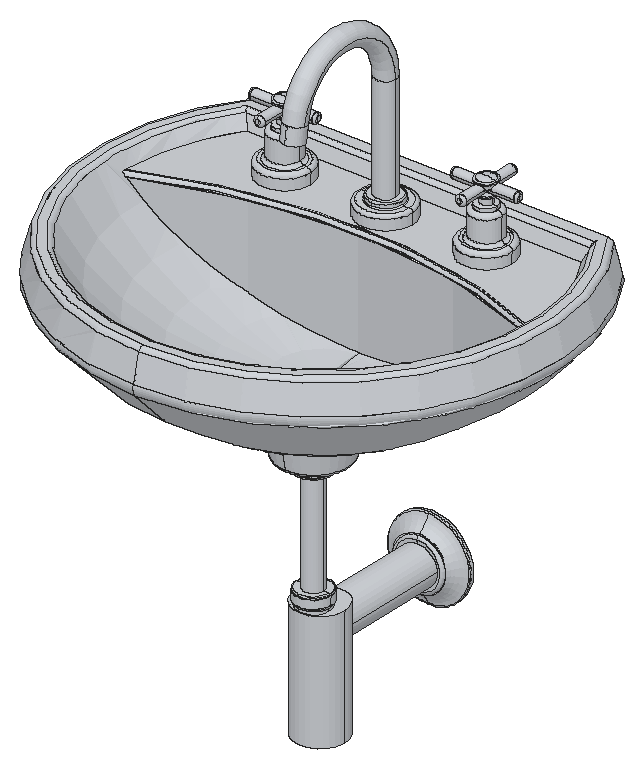
Revit family "Pia de parede", category Peças hidrossanitárias, Revit 2019
Family settings
  Cota do conector redondo = Utilizar diâmetro
  Tipo de parte = Normal
  Número OmniClass = 23.45.00.00
  Título OmniClass = Sanitary, Laundry, and Cleaning Equipment
  Com base no plano de trabalho = Não
  Sempre na vertical = Sim
  Corte com vazios quando carregada = Não
  Compartilhado = Não
  Ponto de cálculo do ambiente = Não
Parameters (values of type "455 x 360 x 850mm")
  Material da pia = none
  Material do sifão = none
  Descrição = "Pia de parede"
Reference planes
  plane 1 "Centro (Frente/Trás)": y = 0
  plane 2: z = 0
  plane 3 "Centro (Esquerda/Direita)": x = 0
  plane 4: y = -142.687
  plane 5: y = -55.877
  plane 6: z = 393.344
  plane 7: y = -132.708
  plane 8: y = -21.225
  plane 9: z = 413.695
  plane 10: z = 428.688
Forms (mm)
  Extrusion 1, void
    sketch origin (-212.64, -1524, 393.344) x (0, -1, 0) y (-1, 0, 0)
      loop
        line (-1668.849, 25.211) -> (-1668.849, -451.608) -> (-1524, -451.608) -> (-1524, 25.211) -> (-1668.849, 25.211)
    from -96.535 to 151.743
  Revolve 2, solid, material <- "Material da pia"
    sketch origin (0, 0, -421.312) x (0, 1, 0) y (0, 0, 1)
      loop
        arc (-357.87, 810.842) -> (-320.779, 772.06) -> (-276.849, 741.239) r 274.398
        arc (-276.849, 741.239) -> (-269.566, 736.86) -> (-262.178, 732.659) r 349.23
        arc (-262.178, 732.659) -> (-203.7, 709.396) -> (-141.265, 701.475) r 250
        line (-141.265, 701.475) -> (-132.708, 701.475) -> (-132.708, 725.026)
        arc (-132.708, 725.026) -> (-251.164, 757.968) -> (-335.607, 847.335) r 229.45
        arc (-335.607, 847.335) -> (-337.447, 849.282) -> (-340.028, 850) r 5
        line (-340.028, 850) -> (-348.051, 850)
        arc (-348.051, 850) -> (-351.092, 848.969) -> (-352.879, 846.3) r 5
        line (-352.879, 846.3) -> (-359.833, 820.47)
        arc (-359.833, 820.47) -> (-359.989, 815.424) -> (-357.87, 810.842) r 10.976
      axis (-132.708, 850) -> (-132.708, 701.475)
    angle from 0 to 360
  Sweep 3, void
    path origin (-714.38, -1524, 428.688) x (-1, 0, 0) y (0, -1, 0)
      loop
        circle (-714.38, -1391.292) r 227.5
    profile origin (0, -360.208, 428.688) x (0, -1, 0) y (0, 0, 1)
      loop
        line (-7.329, -3.7) -> (-0.375, -29.53)
        arc (-0.375, -29.53) -> (-0.219, -34.576) -> (-2.338, -39.158) r 10.976
        arc (-2.338, -39.158) -> (-39.429, -77.94) -> (-83.359, -108.761) r 274.398
        arc (-83.359, -108.761) -> (-90.642, -113.14) -> (-98.03, -117.341) r 349.23
        arc (-98.03, -117.341) -> (-156.508, -140.604) -> (-218.943, -148.525) r 250
        line (-218.943, -148.525) -> (-227.5, -148.525) -> (-227.5, -178.761) -> (52.5, -178.761) -> (52.5, 13.024) -> (-12.158, 13.024) -> (-12.158, 0)
        arc (-12.158, 0) -> (-9.116, -1.031) -> (-7.329, -3.7) r 5
  Extrusion 4, solid, material <- "Material da pia"
    sketch origin (-714.38, -1524, 428.688) x (-1, 0, 0) y (0, -1, 0)
      loop
        arc (-514.391, -1393.421) -> (-714.38, -1436.193) -> (-914.368, -1393.421) r 488.927
        arc (-914.368, -1393.421) -> (-900.982, -1463.259) -> (-864.007, -1524) r 200
        line (-864.007, -1524) -> (-564.752, -1524)
        arc (-564.752, -1524) -> (-527.777, -1463.259) -> (-514.391, -1393.421) r 200
    from -153.396 to -14.993
  Extrusion 5, solid, material <- "Material do sifão"
    sketch origin (-714.38, -1518.64, 428.688) x (-1, 0, 0) y (0, -1, 0)
      loop
        circle (-714.38, -1383.954) r 24
    from -428.688 to -314.688
  Extrusion 6, solid, material <- "Material do sifão"
    sketch origin (0, 0, -412.27) x (1, 0, 0) y (0, 0, 1)
      loop
        circle (0, 505.414) r 19
    from 0 to 121.771
  Revolve 7, solid, material <- "Material do sifão"
    sketch origin (0, 0, -421.312) x (0, 1, 0) y (0, 0, 1)
      loop
        line (0, 554.406) -> (-2.716, 554.406)
        arc (-2.716, 554.406) -> (-3.325, 554.199) -> (-3.682, 553.663) r 1
        arc (-3.682, 553.663) -> (-7.838, 545.751) -> (-15, 540.406) r 20.204
        line (-15, 540.406) -> (-15, 539.156)
        arc (-15, 539.156) -> (-16.768, 538.424) -> (-17.5, 536.656) r 2.5
        line (-17.5, 536.656) -> (-17.5, 514.455) -> (0, 514.455) -> (0, 554.406)
      axis (0, 514.455) -> (-17.5, 514.455)
    angle from 0 to 360
  Revolve 8, solid, material <- "Material da pia"
    sketch origin (0, 0, -421.312) x (0, 1, 0) y (0, 0, 1)
      loop
        line (-182.83, 700.136) -> (-176.246, 666.262)
        arc (-176.246, 666.262) -> (-175.615, 664.943) -> (-174.255, 664.408) r 1.996
        line (-174.255, 664.408) -> (-142.687, 664.408) -> (-142.687, 708.228) -> (-192.646, 708.228)
        arc (-192.646, 708.228) -> (-186.285, 705.944) -> (-182.83, 700.136) r 10
      axis (-142.687, 708.228) -> (-142.687, 664.408)
    angle from 0 to 360
  Extrusion 9, solid, material <- "Material do sifão"
    sketch origin (-714.38, -1524, 428.688) x (-1, 0, 0) y (0, -1, 0)
      loop
        circle (-714.38, -1381.313) r 9.5
    from -299.206 to -197.186
  Revolve 10, solid, material <- "Material do sifão"
    sketch origin (0, -142.687, 3578.688) x (-1, 0, 0) y (0, 0, 1)
      loop
        arc (16.5, -3336.086) -> (16.354, -3335.732) -> (16, -3335.586) r 0.5
        line (16, -3335.586) -> (0, -3335.586) -> (0, -3347.186) -> (16, -3347.186)
        arc (16, -3347.186) -> (16.354, -3347.04) -> (16.5, -3346.686) r 0.5
        line (16.5, -3346.686) -> (16.5, -3345.686) -> (17.201, -3345.281) -> (17.201, -3337.489) -> (16.5, -3337.085) -> (16.5, -3336.086)
      loop
        line (0, -3449.206) -> (0, -3464.688) -> (15.024, -3464.688) -> (15.024, -3460.806) -> (16, -3460.806)
        arc (16, -3460.806) -> (16.354, -3460.66) -> (16.5, -3460.306) r 0.5
        line (16.5, -3460.306) -> (16.5, -3459.306) -> (17.201, -3458.902) -> (17.201, -3451.109) -> (16.5, -3450.706) -> (16.5, -3449.706)
        arc (16.5, -3449.706) -> (16.354, -3449.352) -> (16, -3449.206) r 0.5
        line (16, -3449.206) -> (0, -3449.206)
      axis (0, -3335.586) -> (0, -3464.688)
    angle from 0 to 360
  Extrusion 11, solid, material <- "Material da pia"
    sketch origin (0, 0, -421.312) x (0, 1, 0) y (0, 0, 1)
      loop
        line (-21.225, 835.007) -> (0, 835.007) -> (0, 850) -> (-12.033, 850)
        arc (-12.033, 850) -> (-14.865, 849.121) -> (-16.701, 846.792) r 5
        line (-16.701, 846.792) -> (-21.225, 835.007)
    from -171.71 to 166.483
  Sweep 12, void
    path origin (-195.854, -1524, 413.695) x (-1, 0, 0) y (0, -1, 0)
      loop
        arc (8.817, -1391.292) -> (-195.854, -1436.193) -> (-400.525, -1391.292) r 488.927
    profile origin (0, -87.807, 413.695) x (0, 1, 0) y (0, 0, 1)
      loop
        line (3.327, -0.288) -> (4.138, 0) -> (0, 0) -> (0, -4.138) -> (0.288, -3.327)
        arc (0.288, -3.327) -> (1.464, -1.464) -> (3.327, -0.288) r 5
Cuts and joins
  joined: Extrusion 5, Extrusion 6, Revolve 7, Extrusion 9, Revolve 10
  Extrusion 1, Sweep 12 cuts Revolve 2
  Sweep 3, Sweep 12 cuts Extrusion 4
  Sweep 12 cuts Revolve 8
  Sweep 12 cuts Extrusion 11
  joined: Revolve 2, Extrusion 4, Revolve 8, Extrusion 11
Lines and regions (mm)
  Masking region 1
    outline origin (0, 0, 0) x (1, 0, 0) y (0, 1, 0)
      loop
        line (189.902, 0) -> (-189.902, 0)
        arc (-189.902, 0) -> (-190.918, -0.278) -> (-191.651, -1.036) r 1.996
        arc (-191.651, -1.036) -> (-211.708, -46.003) -> (-224.122, -93.649) r 299.342
        arc (-224.122, -93.649) -> (-174.13, -279.116) -> (0, -360.209) r 227.5
        arc (0, -360.209) -> (174.13, -279.116) -> (224.122, -93.649) r 227.5
        arc (224.122, -93.649) -> (211.708, -46.003) -> (191.651, -1.036) r 299.342
        arc (191.651, -1.036) -> (190.918, -0.278) -> (189.902, 0) r 1.996
  Masking region 2
    outline origin (0, 0, -421.312) x (1, 0, 0) y (0, 0, 1)
      loop
        arc (-179.268, 846.49) -> (-197.166, 846.16) -> (-215.062, 845.76) r 4575.985
        arc (-215.062, 845.76) -> (-219.269, 844.215) -> (-221.676, 840.437) r 6.985
        line (-221.676, 840.437) -> (-227.132, 818.215)
        arc (-227.132, 818.215) -> (-227.3, 813.797) -> (-225.711, 809.672) r 10.976
        arc (-225.711, 809.672) -> (-201.103, 778.094) -> (-171.152, 751.53) r 218.727
        arc (-171.152, 751.53) -> (-129.265, 724.594) -> (-84.35, 703.085) r 399.124
        arc (-84.35, 703.085) -> (-83.037, 702.765) -> (-81.685, 702.809) r 4.989
        arc (-81.685, 702.809) -> (-66.936, 705.189) -> (-52.119, 707.095) r 466.077
        arc (-52.119, 707.095) -> (-40.868, 703.722) -> (-35.517, 693.266) r 14.967
        line (-35.517, 693.266) -> (-33.629, 666.271)
        arc (-33.629, 666.271) -> (-32.999, 664.95) -> (-31.638, 664.414) r 1.996
        line (-31.638, 664.414) -> (-9.5, 664.414) -> (-9.5, 535.312) -> (-24, 535.312) -> (-24, 421.312) -> (24, 421.312) -> (24, 535.312) -> (9.5, 535.312) -> (9.5, 664.414) -> (31.638, 664.414)
        arc (31.638, 664.414) -> (32.999, 664.95) -> (33.629, 666.271) r 1.996
        line (33.629, 666.271) -> (35.517, 693.266)
        arc (35.517, 693.266) -> (40.868, 703.722) -> (52.119, 707.095) r 14.967
        arc (52.119, 707.095) -> (66.936, 705.189) -> (81.685, 702.809) r 466.077
        arc (81.685, 702.809) -> (83.037, 702.765) -> (84.35, 703.085) r 4.989
        arc (84.35, 703.085) -> (129.265, 724.594) -> (171.153, 751.529) r 399.124
        arc (171.153, 751.529) -> (201.103, 778.094) -> (225.711, 809.672) r 218.727
        arc (225.711, 809.672) -> (227.3, 813.797) -> (227.132, 818.215) r 10.976
        line (227.132, 818.215) -> (221.676, 840.437)
        arc (221.676, 840.437) -> (219.269, 844.215) -> (215.062, 845.754) r 6.985
        arc (215.062, 845.754) -> (197.166, 846.16) -> (179.268, 846.49) r 4575.985
        arc (179.268, 846.49) -> (89.651, 849.123) -> (0, 850) r 4575.984
        arc (0, 850) -> (-89.651, 849.123) -> (-179.268, 846.49) r 4575.984
  Masking region 3, detail levels coarse
    outline origin (0, 0, -421.312) x (1, 0, 0) y (0, 0, 1)
      loop
        line (-9.5, 664.414) -> (-9.5, 535.312) -> (9.5, 535.312) -> (9.5, 664.414) -> (-9.5, 664.414)
  Masking region 4, detail levels fine
    outline origin (0, 0, -421.312) x (1, 0, 0) y (0, 0, 1)
      loop
        arc (-16, 664.414) -> (-16.354, 664.268) -> (-16.5, 663.914) r 0.5
        line (-16.5, 663.914) -> (-16.5, 662.915) -> (-17.2, 662.511) -> (-17.2, 654.719) -> (-16.5, 654.314) -> (-16.5, 653.314)
        arc (-16.5, 653.314) -> (-16.354, 652.96) -> (-16, 652.814) r 0.5
        line (-16, 652.814) -> (-9.5, 652.814) -> (-9.5, 664.414) -> (-16, 664.414)
      loop
        line (-9.5, 550.794) -> (-16, 550.794)
        arc (-16, 550.794) -> (-16.354, 550.648) -> (-16.5, 550.294) r 0.5
        line (-16.5, 550.294) -> (-16.5, 549.294) -> (-17.2, 548.891) -> (-17.2, 541.098) -> (-16.5, 540.694) -> (-16.5, 539.694)
        arc (-16.5, 539.694) -> (-16.354, 539.34) -> (-16, 539.194) r 0.5
        line (-16, 539.194) -> (-15.023, 539.194) -> (-15.023, 535.312) -> (-9.5, 535.312) -> (-9.5, 550.794)
      loop
        line (15.023, 535.312) -> (15.023, 539.194) -> (16, 539.194)
        arc (16, 539.194) -> (16.354, 539.34) -> (16.5, 539.694) r 0.5
        line (16.5, 539.694) -> (16.5, 540.694) -> (17.2, 541.098) -> (17.2, 548.891) -> (16.5, 549.294) -> (16.5, 550.294)
        arc (16.5, 550.294) -> (16.354, 550.648) -> (16, 550.794) r 0.5
        line (16, 550.794) -> (9.5, 550.794) -> (9.5, 535.312) -> (15.023, 535.312)
      loop
        arc (16.5, 663.914) -> (16.354, 664.268) -> (16, 664.414) r 0.5
        line (16, 664.414) -> (9.5, 664.414) -> (9.5, 652.814) -> (16, 652.814)
        arc (16, 652.814) -> (16.354, 652.96) -> (16.5, 653.314) r 0.5
        line (16.5, 653.314) -> (16.5, 654.314) -> (17.2, 654.719) -> (17.2, 662.511) -> (16.5, 662.915) -> (16.5, 663.914)
  Masking region 5, detail levels medium
    outline origin (0, 0, -421.312) x (1, 0, 0) y (0, 0, 1)
      loop
        arc (-16, 664.414) -> (-16.354, 664.268) -> (-16.5, 663.914) r 0.5
        line (-16.5, 663.914) -> (-16.5, 653.314)
        arc (-16.5, 653.314) -> (-16.354, 652.96) -> (-16, 652.814) r 0.5
        line (-16, 652.814) -> (-9.5, 652.814) -> (-9.5, 664.414) -> (-16, 664.414)
      loop
        line (-9.5, 550.794) -> (-16, 550.794)
        arc (-16, 550.794) -> (-16.354, 550.648) -> (-16.5, 550.294) r 0.5
        line (-16.5, 550.294) -> (-16.5, 539.694)
        arc (-16.5, 539.694) -> (-16.354, 539.34) -> (-16, 539.194) r 0.5
        line (-16, 539.194) -> (-15.023, 539.194) -> (-15.023, 535.312) -> (-9.5, 535.312) -> (-9.5, 550.794)
      loop
        line (15.023, 535.312) -> (15.023, 539.194) -> (16, 539.194)
        arc (16, 539.194) -> (16.354, 539.34) -> (16.5, 539.694) r 0.5
        line (16.5, 539.694) -> (16.5, 550.294)
        arc (16.5, 550.294) -> (16.354, 550.648) -> (16, 550.794) r 0.5
        line (16, 550.794) -> (9.5, 550.794) -> (9.5, 535.312) -> (15.023, 535.312)
      loop
        arc (16.5, 663.914) -> (16.354, 664.268) -> (16, 664.414) r 0.5
        line (16, 664.414) -> (9.5, 664.414) -> (9.5, 652.814) -> (16, 652.814)
        arc (16, 652.814) -> (16.354, 652.96) -> (16.5, 653.314) r 0.5
        line (16.5, 653.314) -> (16.5, 663.914)
  Masking region 6
    outline origin (0, 0, -421.306) x (0, 1, 0) y (0, 0, 1)
      loop
        line (0, 666.403) -> (0, 848.005)
        arc (0, 848.005) -> (-0.584, 849.416) -> (-1.995, 850) r 1.995
        line (-1.995, 850) -> (-9.322, 850)
        arc (-9.322, 850) -> (-178.515, 845.113) -> (-347.778, 845.01) r 5986.847
        arc (-347.778, 845.01) -> (-352.084, 843.599) -> (-354.617, 839.842) r 6.985
        line (-354.617, 839.842) -> (-359.833, 820.47)
        arc (-359.833, 820.47) -> (-359.989, 815.424) -> (-357.87, 810.842) r 10.976
        arc (-357.87, 810.842) -> (-320.779, 772.06) -> (-276.849, 741.239) r 274.398
        arc (-276.849, 741.239) -> (-263.455, 733.368) -> (-249.724, 726.102) r 349.23
        arc (-249.724, 726.102) -> (-246.509, 724.428) -> (-243.283, 722.777) r 498.931
        arc (-243.283, 722.777) -> (-238.309, 718.843) -> (-235.259, 713.283) r 15.965
        arc (-235.259, 713.283) -> (-233.492, 710.777) -> (-230.593, 709.778) r 4.989
        line (-230.593, 709.778) -> (-208.296, 708.583)
        arc (-208.296, 708.583) -> (-196.921, 704.833) -> (-185.425, 701.475) r 349.233
        arc (-185.425, 701.475) -> (-180.345, 698.18) -> (-178.105, 692.554) r 9.978
        line (-178.105, 692.554) -> (-176.246, 666.262)
        arc (-176.246, 666.262) -> (-175.615, 664.943) -> (-174.255, 664.408) r 1.996
        line (-174.255, 664.408) -> (-152.187, 664.408) -> (-152.187, 535.306) -> (-158.687, 535.306) -> (-158.687, 421.306) -> (-110.687, 421.306) -> (-110.687, 495.455) -> (0, 495.455) -> (0, 533.455) -> (-110.687, 533.455) -> (-110.687, 535.306) -> (-133.187, 535.306) -> (-133.187, 664.408) -> (-110.717, 664.408)
        arc (-110.717, 664.408) -> (-109.72, 664.675) -> (-108.989, 665.405) r 1.996
        arc (-108.989, 665.405) -> (-108.259, 666.136) -> (-107.261, 666.403) r 1.996
        line (-107.261, 666.403) -> (0, 666.403)
  Masking region 7, detail levels medium
    outline origin (0, 0, -421.306) x (0, 1, 0) y (0, 0, 1)
      loop
        line (-133.187, 664.408) -> (-133.187, 652.807) -> (-126.687, 652.807)
        arc (-126.687, 652.807) -> (-126.333, 652.954) -> (-126.187, 653.307) r 0.5
        line (-126.187, 653.307) -> (-126.187, 663.908)
        arc (-126.187, 663.908) -> (-126.333, 664.261) -> (-126.687, 664.408) r 0.5
        line (-126.687, 664.408) -> (-133.187, 664.408)
      loop
        line (-152.187, 664.408) -> (-158.687, 664.408)
        arc (-158.687, 664.408) -> (-159.04, 664.261) -> (-159.187, 663.908) r 0.5
        line (-159.187, 663.908) -> (-159.187, 653.307)
        arc (-159.187, 653.307) -> (-159.04, 652.954) -> (-158.687, 652.807) r 0.5
        line (-158.687, 652.807) -> (-152.187, 652.807) -> (-152.187, 664.408)
      loop
        line (-133.187, 550.787) -> (-133.187, 535.306) -> (-127.687, 535.306) -> (-127.687, 539.187) -> (-126.687, 539.187)
        arc (-126.687, 539.187) -> (-126.333, 539.334) -> (-126.187, 539.687) r 0.5
        line (-126.187, 539.687) -> (-126.187, 550.287)
        arc (-126.187, 550.287) -> (-126.333, 550.641) -> (-126.687, 550.787) r 0.5
        line (-126.687, 550.787) -> (-133.187, 550.787)
      loop
        line (-152.187, 550.787) -> (-158.687, 550.787)
        arc (-158.687, 550.787) -> (-159.04, 550.641) -> (-159.187, 550.287) r 0.5
        line (-159.187, 550.287) -> (-159.187, 539.687)
        arc (-159.187, 539.687) -> (-159.04, 539.334) -> (-158.687, 539.187) r 0.5
        line (-158.687, 539.187) -> (-157.687, 539.187) -> (-157.687, 535.306) -> (-152.187, 535.306) -> (-152.187, 550.787)
  Masking region 8, detail levels fine
    outline origin (0, 0, -421.306) x (0, 1, 0) y (0, 0, 1)
      loop
        arc (-126.187, 663.908) -> (-126.333, 664.261) -> (-126.687, 664.408) r 0.5
        line (-126.687, 664.408) -> (-133.187, 664.408) -> (-133.187, 652.807) -> (-126.687, 652.807)
        arc (-126.687, 652.807) -> (-126.333, 652.954) -> (-126.187, 653.307) r 0.5
        line (-126.187, 653.307) -> (-126.187, 654.307) -> (-125.486, 654.712) -> (-125.486, 662.504) -> (-126.187, 662.908) -> (-126.187, 663.908)
      loop
        line (-133.187, 550.787) -> (-133.187, 535.306) -> (-127.687, 535.306) -> (-127.687, 539.187) -> (-126.687, 539.187)
        arc (-126.687, 539.187) -> (-126.333, 539.334) -> (-126.187, 539.687) r 0.5
        line (-126.187, 539.687) -> (-126.187, 540.687) -> (-125.487, 541.092) -> (-125.487, 548.884) -> (-126.187, 549.287) -> (-126.187, 550.287)
        arc (-126.187, 550.287) -> (-126.333, 550.641) -> (-126.687, 550.787) r 0.5
        line (-126.687, 550.787) -> (-133.187, 550.787)
      loop
        line (-159.187, 663.908) -> (-159.187, 662.908) -> (-159.887, 662.504) -> (-159.887, 654.712) -> (-159.187, 654.307) -> (-159.187, 653.307)
        arc (-159.187, 653.307) -> (-159.04, 652.954) -> (-158.687, 652.807) r 0.5
        line (-158.687, 652.807) -> (-152.187, 652.807) -> (-152.187, 664.408) -> (-158.687, 664.408)
        arc (-158.687, 664.408) -> (-159.04, 664.261) -> (-159.187, 663.908) r 0.5
      loop
        line (-152.187, 550.787) -> (-158.687, 550.787)
        arc (-158.687, 550.787) -> (-159.04, 550.641) -> (-159.187, 550.287) r 0.5
        line (-159.187, 550.287) -> (-159.187, 549.287) -> (-159.887, 548.884) -> (-159.887, 541.092) -> (-159.187, 540.687) -> (-159.187, 539.687)
        arc (-159.187, 539.687) -> (-159.04, 539.334) -> (-158.687, 539.187) r 0.5
        line (-158.687, 539.187) -> (-157.687, 539.187) -> (-157.687, 535.306) -> (-152.187, 535.306) -> (-152.187, 550.787)
  Masking region 9, detail levels medium+fine
    outline origin (0, 0, -421.306) x (0, 1, 0) y (0, 0, 1)
      loop
        line (0, 554.406) -> (-2.716, 554.406)
        arc (-2.716, 554.406) -> (-3.325, 554.199) -> (-3.682, 553.663) r 1
        arc (-3.682, 553.663) -> (-7.838, 545.751) -> (-15, 540.406) r 20.204
        line (-15, 540.406) -> (-15, 539.156)
        arc (-15, 539.156) -> (-16.768, 538.424) -> (-17.5, 536.656) r 2.5
        line (-17.5, 536.656) -> (-17.5, 533.455) -> (0, 533.455) -> (0, 554.406)
      loop
        line (0, 474.407) -> (0, 495.357) -> (-17.5, 495.357) -> (-17.5, 492.156)
        arc (-17.5, 492.156) -> (-16.768, 490.388) -> (-15, 489.656) r 2.5
        line (-15, 489.656) -> (-15, 488.406)
        arc (-15, 488.406) -> (-7.838, 483.061) -> (-3.682, 475.149) r 20.204
        arc (-3.682, 475.149) -> (-3.325, 474.614) -> (-2.716, 474.407) r 1
        line (-2.716, 474.407) -> (0, 474.407)
  Masking region 10, detail levels medium+fine
    outline origin (0, 0, 93.15) x (0, 1, 0) y (0, 0, 1)
      loop
        line (0, 19) -> (0, -19) -> (18.5, -19) -> (18.5, 19) -> (0, 19)
  symbolic lines, style "Pia", detail levels medium+fine
    curve 1: arc (-134.984, -28.029, 0) -> (-169.284, -42.342, 0) -> (-190.094, -73.136, 0) r 64.858
    curve 2: arc (-190.094, -73.136, 0) -> (-196.472, -99.794, 0) -> (-199.13, -127.075, 0) r 199.21
    curve 3: arc (-199.13, -127.075, 0) -> (-198.25, -128.787, 0) -> (-196.334, -128.959, 0) r 1.996
    curve 5: arc (135.079, -28.039, 0) -> (0.047, -20.954, 0) -> (-134.984, -28.029, 0) r 1291.208
    curve 30: line (-227.408, 0, 393.344) -> (227.263, 0, 393.344)
    curve 46: line (-15.023, 0, 117.882) -> (-15.023, 0, 114)
    curve 47: line (-9.5, 0, 231.502) -> (-9.5, 0, 129.482)
    curve 49: line (-16, 0, 231.502) -> (16, 0, 231.502)
    curve 50: line (-16.5, 0, 241.602) -> (-16.5, 0, 242.602)
    curve 51: line (-16.5, 0, 232.002) -> (-16.5, 0, 233.002)
    curve 52: line (16, 0, 117.882) -> (-16, 0, 117.882)
    curve 53: line (16, 0, 129.482) -> (-16, 0, 129.482)
    curve 54: line (-16.5, 0, 119.382) -> (-16.5, 0, 118.382)
    curve 55: line (-16.5, 0, 128.982) -> (-16.5, 0, 127.982)
    curve 58: arc (-16.5, 0, 242.602) -> (-16.354, 0, 242.955) -> (-16, 0, 243.102) r 0.5
    curve 59: arc (-16.5, 0, 232.002) -> (-16.354, 0, 231.648) -> (-16, 0, 231.502) r 0.5
    curve 60: arc (-16, 0, 129.482) -> (-16.354, 0, 129.335) -> (-16.5, 0, 128.982) r 0.5
    curve 61: arc (-16.5, 0, 118.382) -> (-16.354, 0, 118.028) -> (-16, 0, 117.882) r 0.5
    curve 64: arc (-51.416, 0, 285.845) -> (-25.711, 0, 287.984) -> (0.073, 0, 288.698) r 466.078
    curve 68: arc (0, -87.405, 250.653) -> (0, -89.298, 246.701) -> (0, -93.376, 245.098) r 5.987
    curve 69: arc (0, -0.001, 320.86) -> (0, -0.878, 318.743) -> (0, -2.994, 317.866) r 2.993
    curve 70: arc (0, -68.626, 317.866) -> (0, -78.821, 313.857) -> (0, -83.554, 303.977) r 14.967
    curve 103: line (0, -157.687, 117.882) -> (0, -157.687, 114)
    curve 104: line (0, -127.687, 117.882) -> (0, -127.687, 114)
    curve 106: line (0, -133.187, 231.502) -> (0, -133.187, 129.482)
    curve 107: line (0, -152.187, 231.502) -> (0, -152.187, 129.482)
    curve 110: line (0, -126.687, 231.502) -> (0, -158.687, 231.502)
    curve 111: line (0, -159.187, 241.602) -> (0, -159.187, 242.602)
    curve 112: line (0, -159.187, 232.002) -> (0, -159.187, 233.002)
    curve 113: line (0, -126.187, 241.602) -> (0, -126.187, 242.602)
    curve 114: line (0, -126.187, 232.002) -> (0, -126.187, 233.002)
    curve 115: line (0, -158.687, 129.482) -> (0, -126.687, 129.482)
    curve 116: line (0, -158.687, 117.882) -> (0, -126.687, 117.882)
    curve 117: line (0, -126.187, 119.382) -> (0, -126.187, 118.382)
    curve 118: line (0, -126.187, 128.982) -> (0, -126.187, 127.982)
    curve 119: line (0, -159.187, 119.382) -> (0, -159.187, 118.382)
    curve 120: line (0, -159.187, 128.982) -> (0, -159.187, 127.982)
    curve 121: line (0, 0, 133.1) -> (0, 0, 112.15)
    curve 122: line (0, -17.5, 115.35) -> (0, -17.5, 70.949)
    curve 125: line (0, -87.405, 250.653) -> (0, -85.236, 280.682)
    curve 128: line (0, -2.994, 317.866) -> (0, -68.626, 317.866)
    curve 129: line (0, -83.554, 303.977) -> (0, -85.236, 280.682)
    curve 137: arc (0, -126.187, 242.602) -> (0, -126.333, 242.955) -> (0, -126.687, 243.102) r 0.5
    curve 138: arc (0, -158.687, 243.102) -> (0, -159.04, 242.955) -> (0, -159.187, 242.602) r 0.5
    curve 139: arc (0, -126.187, 232.002) -> (0, -126.333, 231.648) -> (0, -126.687, 231.502) r 0.5
    curve 140: arc (0, -158.687, 231.502) -> (0, -159.04, 231.648) -> (0, -159.187, 232.002) r 0.5
    curve 141: arc (0, -126.187, 128.982) -> (0, -126.333, 129.335) -> (0, -126.687, 129.482) r 0.5
    curve 142: arc (0, -158.687, 129.482) -> (0, -159.04, 129.335) -> (0, -159.187, 128.982) r 0.5
    curve 143: arc (0, -126.187, 118.382) -> (0, -126.333, 118.028) -> (0, -126.687, 117.882) r 0.5
    curve 144: arc (0, -158.687, 117.882) -> (0, -159.04, 118.028) -> (0, -159.187, 118.382) r 0.5
    curve 152: arc (135.079, -28.039, 0) -> (169.321, -42.372, 0) -> (190.094, -73.136, 0) r 64.858
    curve 153: arc (190.094, -73.136, 0) -> (196.472, -99.794, 0) -> (199.13, -127.075, 0) r 199.21
    curve 154: arc (199.13, -127.075, 0) -> (198.265, -128.777, 0) -> (196.366, -128.973, 0) r 1.996
    curve 178: line (9.5, 0, 231.502) -> (9.5, 0, 129.482)
    curve 181: arc (51.416, 0, 285.845) -> (25.711, 0, 287.984) -> (-0.073, 0, 288.698) r 466.078
    curve 184: line (16.5, 0, 241.602) -> (16.5, 0, 242.602)
    curve 185: line (16.5, 0, 232.002) -> (16.5, 0, 233.002)
    curve 188: arc (16.5, 0, 242.602) -> (16.354, 0, 242.955) -> (16, 0, 243.102) r 0.5
    curve 189: arc (16.5, 0, 232.002) -> (16.354, 0, 231.648) -> (16, 0, 231.502) r 0.5
    curve 194: line (15.023, 0, 117.882) -> (15.023, 0, 114)
    curve 195: line (16.5, 0, 119.382) -> (16.5, 0, 118.382)
    curve 196: line (16.5, 0, 128.982) -> (16.5, 0, 127.982)
    curve 197: arc (16, 0, 129.482) -> (16.354, 0, 129.335) -> (16.5, 0, 128.982) r 0.5
    curve 198: arc (16.5, 0, 118.382) -> (16.354, 0, 118.028) -> (16, 0, 117.882) r 0.5
    curve 203: line (0, 0, 133.1) -> (0, -2.716, 133.1)
    curve 204: arc (0, -2.716, 133.1) -> (0, -3.325, 132.893) -> (0, -3.682, 132.358) r 1
    curve 205: arc (0, -3.682, 132.358) -> (0, -7.838, 124.446) -> (0, -15, 119.1) r 20.204
    curve 206: arc (0, -15, 117.85) -> (0, -16.768, 117.118) -> (0, -17.5, 115.35) r 2.5
    curve 207: line (0, -15, 119.1) -> (0, -15, 117.85)
    curve 208: line (0, 0, 53.2) -> (0, -2.716, 53.2)
    curve 209: arc (0, -2.716, 53.2) -> (0, -3.325, 53.407) -> (0, -3.682, 53.942) r 1
    curve 210: arc (0, -3.682, 53.942) -> (0, -7.838, 61.854) -> (0, -15, 67.2) r 20.204
    curve 211: arc (0, -15, 68.449) -> (0, -16.768, 69.182) -> (0, -17.5, 70.949) r 2.5
    curve 212: line (0, -15, 67.2) -> (0, -15, 68.449)
    curve 216: line (0, 0, 74.15) -> (0, 0, 53.101)
    curve 217: line (0, 0, 112.15) -> (0, 18.5, 112.15)
    curve 218: line (0, 0, 74.15) -> (0, 18.5, 74.15)
    curve 219: line (0, 18.5, 112.15) -> (0, 18.5, 74.15)
  symbolic lines, style "Pia"
    curve 4: arc (-196.334, -128.959, 0) -> (0.017, -87.807, 0) -> (196.366, -128.973, 0) r 488.927
    curve 6: arc (-189.902, 0, 0) -> (-190.918, -0.278, 0) -> (-191.651, -1.036, 0) r 1.996
    curve 7: arc (-191.651, -1.036, 0) -> (-211.708, -46.003, 0) -> (-224.122, -93.649, 0) r 299.342
    curve 8: arc (-224.122, -93.649, 0) -> (-174.13, -279.116, 0) -> (0, -360.209, 0) r 227.5
    curve 9: line (189.902, 0, 0) -> (-189.902, 0, 0)
    curve 10: arc (-139.35, -22.519, 0) -> (-179.874, -39.984, 0) -> (-203.513, -77.245, 0) r 74.836
    curve 11: arc (-203.513, -77.245, 0) -> (-167.62, -260.76, 0) -> (0, -343.644, 0) r 210.936
    curve 12: arc (139.351, -22.519, 0) -> (0, -15.013, 0) -> (-139.35, -22.519, 0) r 1297.152
    curve 17: circle (0, -142.687, 0) r 22.5 normal (0, 0, 1)
    curve 20: arc (-179.268, 0, 425.178) -> (-197.166, 0, 424.848) -> (-215.062, 0, 424.448) r 4575.985
    curve 21: arc (-221.676, 0, 419.124) -> (-219.269, 0, 422.902) -> (-215.062, 0, 424.442) r 6.985
    curve 22: arc (-81.685, 0, 281.497) -> (-83.011, 0, 281.45) -> (-84.301, 0, 281.754) r 4.989
    curve 25: arc (-171.152, 0, 330.217) -> (-201.103, 0, 356.782) -> (-225.711, 0, 388.36) r 218.727
    curve 26: arc (-225.711, 0, 388.36) -> (-227.3, 0, 392.485) -> (-227.132, 0, 396.903) r 10.976
    curve 27: arc (-52.119, 0, 285.783) -> (-40.868, 0, 282.41) -> (-35.517, 0, 271.954) r 14.967
    curve 28: arc (-33.629, 0, 244.958) -> (-32.999, 0, 243.638) -> (-31.638, 0, 243.102) r 1.996
    curve 31: line (-227.132, 0, 396.903) -> (-221.676, 0, 419.124)
    curve 32: line (-35.517, 0, 271.954) -> (-33.629, 0, 244.958)
    curve 33: line (-31.638, 0, 243.102) -> (31.638, 0, 243.102)
    curve 34: arc (0, 0, 428.688) -> (-89.651, 0, 427.811) -> (-179.268, 0, 425.178) r 4575.984
    curve 35: arc (-171.153, 0, 330.217) -> (-129.286, 0, 303.293) -> (-84.394, 0, 281.79) r 399.124
    curve 44: line (24, 0, 114) -> (-24, 0, 114)
    curve 45: line (-24, 0, 114) -> (-24, 0, 0)
    curve 48: line (24, 0, 0) -> (-24, 0, 0)
    curve 63: arc (-81.506, 0, 281.503) -> (-66.496, 0, 283.92) -> (-51.416, 0, 285.845) r 466.078
    curve 71: arc (0, -9.172, 428.694) -> (0, -9.322, 428.693) -> (0, -9.472, 428.688) r 6.985
    curve 72: arc (0, -9.472, 428.688) -> (0, -178.59, 423.806) -> (0, -347.778, 423.705) r 5986.847
    curve 73: arc (0, -347.778, 423.705) -> (0, -352.084, 422.293) -> (0, -354.617, 418.536) r 6.985
    curve 74: arc (0, -359.833, 399.164) -> (0, -359.989, 394.118) -> (0, -357.87, 389.536) r 10.976
    curve 75: arc (0, -357.87, 389.536) -> (0, -320.779, 350.754) -> (0, -276.849, 319.933) r 274.398
    curve 76: arc (0, -276.849, 319.933) -> (0, -263.455, 312.063) -> (0, -249.724, 304.796) r 349.23
    curve 77: arc (0, -249.724, 304.796) -> (0, -246.509, 303.122) -> (0, -243.283, 301.472) r 498.931
    curve 78: arc (0, -243.283, 301.472) -> (0, -238.309, 297.538) -> (0, -235.259, 291.977) r 15.965
    curve 79: arc (0, -230.389, 288.473) -> (0, -233.41, 289.411) -> (0, -235.258, 291.977) r 4.989
    curve 80: arc (0, -208.296, 287.277) -> (0, -196.921, 283.527) -> (0, -185.425, 280.169) r 349.233
    curve 81: arc (0, -185.425, 280.169) -> (0, -180.345, 276.874) -> (0, -178.105, 271.249) r 9.978
    curve 82: arc (0, -176.246, 244.957) -> (0, -175.615, 243.638) -> (0, -174.255, 243.102) r 1.996
    curve 83: arc (0, -110.717, 243.102) -> (0, -109.72, 243.369) -> (0, -108.989, 244.1) r 1.996
    curve 84: arc (0, -108.989, 244.1) -> (0, -108.259, 244.83) -> (0, -107.261, 245.098) r 1.996
    curve 99: line (0, -158.687, 0) -> (0, -110.687, 0)
    curve 100: line (0, -158.687, 114) -> (0, -110.687, 114)
    curve 101: line (0, -110.687, 114) -> (0, -110.687, 112.448)
    curve 102: line (0, -110.687, 73.851) -> (0, -110.687, 0)
    curve 105: line (0, -158.687, 114) -> (0, -158.687, 0)
    curve 108: line (0, -110.928, 74.15) -> (0, -17.5, 74.15)
    curve 109: line (0, -110.928, 112.15) -> (0, -17.5, 112.15)
    curve 130: line (0, -1.995, 428.694) -> (0, -9.172, 428.694)
    curve 131: line (0, -354.617, 418.536) -> (0, -359.833, 399.164)
    curve 132: line (0, -178.105, 271.249) -> (0, -176.246, 244.957)
    curve 133: line (0, -174.255, 243.102) -> (0, -110.717, 243.102)
    curve 134: line (0, -107.261, 245.098) -> (0, 0, 245.098)
    curve 135: line (0, 0, 245.098) -> (0, 0, 426.699)
    curve 136: arc (0, 0, 426.699) -> (0, -0.584, 428.11) -> (0, -1.995, 428.694) r 1.995
    curve 145: line (0, -110.687, 112.448) -> (0, -116.125, 105.71)
    curve 147: line (0, -208.296, 287.277) -> (0, -230.593, 288.472)
    curve 155: arc (189.902, 0, 0) -> (190.918, -0.278, 0) -> (191.651, -1.036, 0) r 1.996
    curve 156: arc (191.651, -1.036, 0) -> (211.708, -46.003, 0) -> (224.122, -93.649, 0) r 299.342
    curve 157: arc (224.122, -93.649, 0) -> (174.13, -279.116, 0) -> (0, -360.209, 0) r 227.5
    curve 158: arc (139.35, -22.519, 0) -> (179.874, -39.984, 0) -> (203.513, -77.245, 0) r 74.836
    curve 159: arc (203.513, -77.245, 0) -> (167.62, -260.76, 0) -> (0, -343.644, 0) r 210.936
    curve 164: arc (179.268, 0, 425.178) -> (197.166, 0, 424.848) -> (215.062, 0, 424.448) r 4575.985
    curve 165: arc (221.676, 0, 419.124) -> (219.269, 0, 422.902) -> (215.062, 0, 424.442) r 6.985
    curve 166: arc (81.685, 0, 281.497) -> (83.011, 0, 281.45) -> (84.301, 0, 281.754) r 4.989
    curve 169: arc (171.152, 0, 330.217) -> (201.103, 0, 356.782) -> (225.711, 0, 388.36) r 218.727
    curve 170: arc (225.711, 0, 388.36) -> (227.3, 0, 392.485) -> (227.132, 0, 396.903) r 10.976
    curve 171: arc (52.119, 0, 285.783) -> (40.868, 0, 282.41) -> (35.517, 0, 271.954) r 14.967
    curve 172: arc (33.629, 0, 244.958) -> (32.999, 0, 243.638) -> (31.638, 0, 243.102) r 1.996
    curve 173: line (227.132, 0, 396.903) -> (221.676, 0, 419.124)
    curve 174: line (35.517, 0, 271.954) -> (33.629, 0, 244.958)
    curve 175: arc (0, 0, 428.688) -> (89.651, 0, 427.811) -> (179.268, 0, 425.178) r 4575.984
    curve 176: arc (171.153, 0, 330.217) -> (129.286, 0, 303.293) -> (84.394, 0, 281.79) r 399.124
    curve 177: line (24, 0, 114) -> (24, 0, 0)
    curve 180: arc (81.506, 0, 281.503) -> (66.496, 0, 283.92) -> (51.416, 0, 285.845) r 466.078
    curve 201: line (0, -110.687, 73.851) -> (0, -116.125, 80.59)
    curve 202: arc (0, -116.125, 105.71) -> (0, -120.56, 93.15) -> (0, -116.125, 80.59) r 20
    curve 215: line (0, 0, 112.15) -> (0, 0, 74.15)
  symbolic lines, style "Pia", detail levels fine
    curve 13: arc (-180.956, 0, 0) -> (-181.96, -0.271, 0) -> (-182.691, -1.01, 0) r 1.996
    curve 14: arc (-182.691, -1.01, 0) -> (-196.622, -28.898, 0) -> (-207.495, -58.115, 0) r 291.532
    curve 15: arc (-207.495, -58.115, 0) -> (-180.369, -259.537, 0) -> (0, -353.204, 0) r 220.496
    curve 16: circle (0, -142.687, 0) r 35 normal (0, 0, 1)
    curve 18: circle (-97.286, -55.877, 0) r 14.5 normal (0, 0, 1)
    curve 19: circle (0, -55.877, 0) r 14.5 normal (0, 0, 1)
    curve 23: arc (-87.303, 0, 284.982) -> (-89.489, 0, 288.686) -> (-93.147, 0, 290.948) r 8.981
    curve 24: arc (-93.147, 0, 290.948) -> (-130.921, 0, 306.177) -> (-166.156, 0, 326.603) r 286.72
    curve 29: line (214.901, 0, 424.452) -> (-214.866, 0, 424.453)
    curve 36: line (-16.5, 0, 233.002) -> (16.5, 0, 233.002)
    curve 37: line (-16.5, 0, 241.602) -> (16.501, 0, 241.602)
    curve 38: line (-16.5, 0, 233.002) -> (-17.2, 0, 233.407)
    curve 39: line (-17.2, 0, 127.579) -> (-17.2, 0, 119.786)
    curve 40: line (16.5, 0, 119.382) -> (-16.5, 0, 119.382)
    curve 41: line (16.5, 0, 127.982) -> (-16.5, 0, 127.982)
    curve 42: line (-16.5, 0, 119.382) -> (-17.2, 0, 119.786)
    curve 43: line (-16.5, 0, 127.982) -> (-17.2, 0, 127.579)
    curve 56: line (-17.2, 0, 233.407) -> (-17.2, 0, 241.199)
    curve 57: line (-16.501, 0, 241.602) -> (-17.2, 0, 241.199)
    curve 62: arc (-84.301, 0, 281.754) -> (-86.178, 0, 283.018) -> (-87.303, 0, 284.982) r 4.989
    curve 85: line (0, -159.886, 233.406) -> (0, -159.886, 241.199)
    curve 86: line (0, -126.187, 241.602) -> (0, -159.187, 241.602)
    curve 87: line (0, -126.187, 233.002) -> (0, -159.187, 233.002)
    curve 88: line (0, -159.187, 241.602) -> (0, -159.886, 241.199)
    curve 89: line (0, -159.187, 233.002) -> (0, -159.886, 233.406)
    curve 90: line (0, -126.187, 233.002) -> (0, -125.486, 233.407)
    curve 91: line (0, -125.487, 127.579) -> (0, -125.487, 119.786)
    curve 92: line (0, -159.187, 119.382) -> (0, -126.187, 119.382)
    curve 93: line (0, -159.187, 127.982) -> (0, -126.187, 127.982)
    curve 94: line (0, -159.886, 127.578) -> (0, -159.886, 119.787)
    curve 95: line (0, -126.187, 119.382) -> (0, -125.487, 119.786)
    curve 96: line (0, -126.187, 127.982) -> (0, -125.487, 127.579)
    curve 97: line (0, -159.187, 119.382) -> (0, -159.886, 119.787)
    curve 98: line (0, -159.187, 127.982) -> (0, -159.886, 127.578)
    curve 123: line (0, -125.486, 233.407) -> (0, -125.486, 241.199)
    curve 124: line (0, -126.186, 241.602) -> (0, -125.486, 241.199)
    curve 126: line (0, -85.236, 280.682) -> (0, -208.296, 287.277)
    curve 127: line (0, 0, 393.859) -> (0, -359.933, 393.859)
    curve 160: arc (180.956, 0, 0) -> (181.96, -0.271, 0) -> (182.691, -1.01, 0) r 1.996
    curve 161: arc (182.691, -1.01, 0) -> (196.622, -28.898, 0) -> (207.495, -58.115, 0) r 291.532
    curve 162: arc (207.495, -58.115, 0) -> (180.369, -259.537, 0) -> (0, -353.204, 0) r 220.496
    curve 163: circle (97.286, -55.877, 0) r 14.5 normal (0, 0, -1)
    curve 167: arc (87.303, 0, 284.982) -> (89.489, 0, 288.686) -> (93.147, 0, 290.948) r 8.981
    curve 168: arc (93.147, 0, 290.948) -> (130.921, 0, 306.177) -> (166.156, 0, 326.603) r 286.72
    curve 179: arc (84.301, 0, 281.754) -> (86.178, 0, 283.018) -> (87.303, 0, 284.982) r 4.989
    curve 183: line (16.5, 0, 233.002) -> (17.2, 0, 233.407)
    curve 186: line (17.2, 0, 233.407) -> (17.2, 0, 241.199)
    curve 187: line (16.501, 0, 241.602) -> (17.2, 0, 241.199)
    curve 191: line (17.2, 0, 127.579) -> (17.2, 0, 119.786)
    curve 192: line (16.5, 0, 119.382) -> (17.2, 0, 119.786)
    curve 193: line (16.5, 0, 127.982) -> (17.2, 0, 127.579)
  symbolic lines, style "Pia", detail levels coarse
    curve 65: line (-9.5, 0, 114) -> (-9.5, 0, 243.102)
    curve 146: line (0, -133.187, 114) -> (0, -133.187, 243.102)
    curve 182: line (9.5, 0, 114) -> (9.5, 0, 243.102)
    curve 200: line (0, -152.187, 114) -> (0, -152.187, 243.102)
    curve 213: line (0, -17.5, 112.15) -> (0, 0, 112.15)
    curve 214: line (0, -17.5, 74.15) -> (0, 0, 74.15)
  symbolic lines, style "Pia", detail levels medium
    curve 66: line (-16.5, 0, 241.602) -> (-16.5, 0, 233.002)
    curve 67: line (-16.5, 0, 127.982) -> (-16.5, 0, 119.382)
    curve 148: line (0, -126.187, 241.602) -> (0, -126.187, 233.002)
    curve 149: line (0, -159.187, 241.602) -> (0, -159.187, 233.002)
    curve 150: line (0, -126.187, 127.982) -> (0, -126.187, 119.382)
    curve 151: line (0, -159.187, 127.982) -> (0, -159.187, 119.382)
    curve 190: line (16.5, 0, 241.602) -> (16.5, 0, 233.002)
    curve 199: line (16.5, 0, 127.982) -> (16.5, 0, 119.382)
Dimensions and locks
  aligned and locked: level to plane 2
  aligned and locked: plane 4 to curve 16
  aligned and locked: plane 3 "Centro (Esquerda/Direita)" to curve 16
  aligned and locked: plane 4 to curve 17
  aligned and locked: plane 3 "Centro (Esquerda/Direita)" to curve 17
  aligned and locked: plane 5 to curve 18
  aligned and locked: plane 5 to curve 19
  aligned and locked: plane 3 "Centro (Esquerda/Direita)" to curve 19
  aligned and locked: Revolve 2 sketch curve to plane 7
  aligned and locked: plane 3 "Centro (Esquerda/Direita)" to nested 3
  aligned and locked: plane 5 to nested 3
  aligned and locked: plane 5 to nested 1
  aligned and locked: plane 5 to nested 2
Nested families
  nested 1: "Torneira 1" at (-97.286, -55.877, 413.695) x (-1, 0, 0) z (0, 0, 1), type "Torneira 1", detail levels fine
  nested 2: "Torneira 1" at (97.286, -55.877, 413.695) x (-1, 0, 0) z (0, 0, 1), type "Torneira 1", detail levels fine
  nested 3: "Torneira 3" at (0, -55.877, 413.695) x (-1, 0, 0) z (0, 0, 1), type "Torneira 3", detail levels fine
Definition of nested family "Torneira 1"
  Parameters
    Material da torneira = none
    Default Elevation = 1219.2 mm
  Reference planes
    plane 1 "Centro (Frente/Trás)": y = 0
    plane 2: z = 0
    plane 3 "Centro (Esquerda/Direita)": x = 0
  Forms (mm)
    Extrusion 1, solid
      sketch origin (0, 0, 0) x (1, 0, 0) y (0, 1, 0)
        loop
          line (-95, 100) -> (-95, -57.6) -> (44.803, -57.6) -> (44.803, 100) -> (-95, 100)
      from 0 to -50
    Extrusion 2, solid, material <- "Material da torneira"
      sketch origin (0, 0, 0) x (1, 0, 0) y (0, 1, 0)
        loop
          circle (0, 0) r 25
      from 0 to 10
    Revolve 3, solid, material <- "Material da torneira"
      sketch origin (0, 0, 0) x (1, 0, 0) y (0, 0, 1)
        loop
          arc (25, 10) -> (23.828, 12.828) -> (21, 14) r 4
          line (21, 14) -> (0, 14) -> (0, 10) -> (25, 10)
        axis (0, 10) -> (0, 14)
      angle from 0 to 360
    Revolve 4, solid, material <- "Material da torneira"
      sketch origin (0, 0, 0) x (1, 0, 0) y (0, 0, 1)
        loop
          line (15, 17) -> (0, 17) -> (0, 14) -> (18, 14)
          arc (18, 14) -> (15.879, 14.879) -> (15, 17) r 3
        axis (0, 14) -> (0, 17)
      angle from 0 to 360
    Extrusion 5, solid, material <- "Material da torneira"
      sketch origin (0, 0, 0) x (1, 0, 0) y (0, 1, 0)
        loop
          circle (0, 0) r 15
      from 17 to 37
    Revolve 6, solid, material <- "Material da torneira"
      sketch origin (0, 0, 0) x (1, 0, 0) y (0, 0, 1)
        loop
          arc (15, 37) -> (13.828, 39.828) -> (11, 41) r 4
          line (11, 41) -> (0, 41) -> (0, 37) -> (15, 37)
        axis (0, 37) -> (0, 41)
      angle from 0 to 360
    Extrusion 7, solid, material <- "Material da torneira"
      sketch origin (0, 0, 0) x (1, 0, 0) y (0, 1, 0)
        loop
          circle (0, 0) r 10
      from 41 to 44
    Revolve 8, solid, material <- "Material da torneira"
      sketch origin (0, 0, 0) x (1, 0, 0) y (0, 0, 1)
        loop
          line (6, 45) -> (0, 45) -> (0, 44) -> (10, 44)
          arc (10, 44) -> (8.062, 44.746) -> (6, 45) r 8.5
        axis (0, 44) -> (0, 45)
      angle from 0 to 360
    Extrusion 9, solid, material <- "Material da torneira"
      sketch origin (0, 0, 0) x (1, 0, 0) y (0, 1, 0)
        loop
          circle (0, 0) r 6
      from 45 to 52.5
    Revolve 10, solid, material <- "Material da torneira"
      sketch origin (0, 0, 0) x (1, 0, 0) y (0, 0, 1)
        loop
          line (10, 53.5) -> (0, 53.5) -> (0, 52.5) -> (9, 52.5)
          arc (9, 52.5) -> (9.707, 52.793) -> (10, 53.5) r 1
        axis (0, 52.5) -> (0, 53.5)
      angle from 0 to 360
    Extrusion 11, solid, material <- "Material da torneira"
      sketch origin (0, 0, 0) x (1, 0, 0) y (0, 1, 0)
        loop
          circle (0, 0) r 10
      from 53.5 to 54.5
    Extrusion 12, solid, material <- "Material da torneira"
      sketch origin (0, 0, 0) x (1, 0, 0) y (0, 1, 0)
        loop
          circle (0, 0) r 10
      from 63.945 to 64.945
    Revolve 13, solid, material <- "Material da torneira"
      sketch origin (0, 0, 0) x (1, 0, 0) y (0, 0, 1)
        loop
          line (10, 63.945) -> (0, 63.945) -> (0, 54.5) -> (10, 54.5)
          arc (10, 54.5) -> (8.931, 59.222) -> (10, 63.945) r 10.967
        axis (0, 54.5) -> (0, 63.945)
      angle from 0 to 360
    Revolve 14, solid, material <- "Material da torneira"
      sketch origin (0, 0, 0) x (1, 0, 0) y (0, 0, 1)
        loop
          arc (10, 64.945) -> (9.707, 65.652) -> (9, 65.945) r 1
          line (9, 65.945) -> (0, 65.945) -> (0, 64.945) -> (10, 64.945)
        axis (0, 64.945) -> (0, 65.945)
      angle from 0 to 360
    Revolve 15, solid, material <- "Material da torneira"
      sketch origin (0, 0, 0) x (1, 0, 0) y (0, 0, 1)
        loop
          arc (8, 65.945) -> (4.079, 67.114) -> (0, 67.445) r 19.602
          line (0, 67.445) -> (0, 65.945) -> (8, 65.945)
        axis (0, 65.945) -> (0, 67.445)
      angle from 0 to 360
    Extrusion 16, solid, material <- "Material da torneira"
      sketch origin (0, 0, 0) x (1, 0, 0) y (0, 0, 1)
        loop
          circle (0, 59.222) r 4.722
      from 0 to 30
    Revolve 17, solid, material <- "Material da torneira"
      sketch origin (0, 0, 0) x (0, 1, 0) y (0, 0, 1)
        loop
          arc (-30, 63.945) -> (-31.414, 63.359) -> (-32, 61.945) r 2
          line (-32, 61.945) -> (-32, 59.222) -> (-30, 59.222) -> (-30, 63.945)
        axis (-30, 59.222) -> (-32, 59.222)
      angle from 0 to 360
    Extrusion 18, solid, material <- "Material da torneira"
      sketch origin (0, 0, 0) x (0, 1, 0) y (0, 0, -1)
        loop
          circle (0, -59.222) r 4.722
      from 0 to 30
    Revolve 19, solid, material <- "Material da torneira"
      sketch origin (0, 0, 0) x (1, 0, 0) y (0, 0, -1)
        loop
          line (-30, -63.945) -> (-30, -59.222) -> (-32, -59.222) -> (-32, -61.945)
          arc (-32, -61.945) -> (-31.414, -63.359) -> (-30, -63.945) r 2
        axis (-30, -59.222) -> (-32, -59.222)
      angle from 0 to 360
    Extrusion 20, solid, material <- "Material da torneira"
      sketch origin (0, 0, 0) x (0, 1, 0) y (0, 0, 1)
        loop
          circle (0, 59.222) r 4.722
      from 0 to 30
    Revolve 21, solid, material <- "Material da torneira"
      sketch origin (0, 0, 0) x (-1, 0, 0) y (0, 0, 1)
        loop
          arc (-30, 63.945) -> (-31.414, 63.359) -> (-32, 61.945) r 2
          line (-32, 61.945) -> (-32, 59.222) -> (-30, 59.222) -> (-30, 63.945)
        axis (-30, 59.222) -> (-32, 59.222)
      angle from 0 to 360
    Extrusion 22, solid, material <- "Material da torneira"
      sketch origin (0, 0, 0) x (1, 0, 0) y (0, 0, -1)
        loop
          circle (0, -59.222) r 4.722
      from 0 to 30
    Revolve 23, solid, material <- "Material da torneira"
      sketch origin (0, 0, 0) x (0, -1, 0) y (0, 0, 1)
        loop
          arc (-30, 63.945) -> (-31.414, 63.359) -> (-32, 61.945) r 2
          line (-32, 61.945) -> (-32, 59.222) -> (-30, 59.222) -> (-30, 63.945)
        axis (-30, 59.222) -> (-32, 59.222)
      angle from 0 to 360
  Dimensions and locks
    aligned and locked: plane 2 to Extrusion 1
    aligned and locked: level to Extrusion 1
Definition of nested family "Torneira 3"
  Parameters
    Material da torneira = none
    Default Elevation = 1219.2 mm
  Reference planes
    plane 1 "Centro (Frente/Trás)": y = 0
    plane 2: z = 0
    plane 3 "Centro (Esquerda/Direita)": x = 0
  Forms (mm)
    Extrusion 1, solid
      sketch origin (0, 0, 0) x (1, 0, 0) y (0, 1, 0)
        loop
          line (-100, 105) -> (-100, -92.714) -> (97.931, -92.714) -> (97.931, 105) -> (-100, 105)
      from 0 to -78.649
    Revolve 2, solid, material <- "Material da torneira"
      sketch origin (0, 0, 0) x (1, 0, 0) y (0, 0, 1)
        loop
          arc (-23, 13) -> (-25.121, 12.121) -> (-26, 10) r 3
          line (-26, 10) -> (-26, 0) -> (0, 0) -> (0, 13) -> (-23, 13)
        axis (0, 13) -> (0, 0)
      angle from 0 to 360
    Sweep 3, solid, material <- "Material da torneira"
      path origin (0, 0, 0) x (0, 1, 0) y (0, 0, 1)
        loop
          line (0, 18) -> (0, 120)
          arc (0, 120) -> (-51.36, 174.879) -> (-109.518, 127.264) r 55
      profile origin (0, 0, 69) x (0, -1, 0) y (1, 0, 0)
        loop
          circle (0, 0) r 10
    Revolve 4, solid, material <- "Material da torneira"
      sketch origin (0, 0, 0) x (0, 1, 0) y (0, 0, 1)
        loop
          arc (17, 13) -> (16.293, 13.293) -> (16, 14) r 1
          line (16, 14) -> (16, 17)
          arc (16, 17) -> (15.707, 17.707) -> (15, 18) r 1
          line (15, 18) -> (0, 18) -> (0, 13) -> (17, 13)
        axis (0, 18) -> (0, 13)
      angle from 0 to 360
    Sweep 5, solid, material <- "Material da torneira"
      path origin (0, 0, 0) x (0, 1, 0) y (0, 0, 1)
        loop
          line (-109.518, 127.264) -> (-111.565, 111.9)
      profile origin (0, -110.542, 119.582) x (0, 0.99124, -0.132075) y (1, 0, 0)
        loop
          circle (0, 0) r 10
  Dimensions and locks
    aligned and locked: plane 2 to Extrusion 1
    aligned and locked: level to Extrusion 1
    aligned and locked: plane 1 "Centro (Frente/Trás)" to Revolve 4 sketch curve
